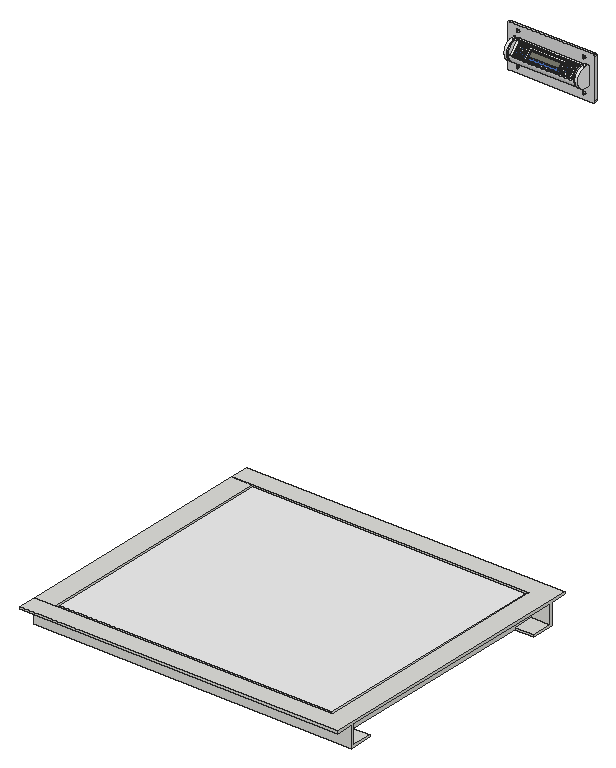
Revit family "Scale-SR_Scales-SR463iR", category Specialty Equipment, Revit 2020
Family settings
  Round Connector Dimension = Use Diameter
  Part Type = Normal
  OmniClass Number = 23.40.70.11.14.11
  OmniClass Title = Medical Equipment
  Work Plane-Based = No
  Always vertical = Yes
  Cut with Voids When Loaded = No
  Shared = No
  Room Calculation Point = No
Parameters (values of type "SR463iR")
  Wall Plate Center Elevation = 53"
  URL = "http://www.srinstruments.com/"
  Show Printer = no
  Show Handrail = no
  Frame Distance to Wall = 12"  # constant formula
  Product Page URL = "https://srinstruments.com/scales/SR463iR"
  Power Supply = "110v AC, 50 - 60 Hz"  # constant formula
  Platform Width = 36"
  Platform Size = "32'' x 36'' (81 cm x 91 cm)"  # constant formula
  Platform Depth = 32"
  Pit Depth = 3"
  Model = "SR463iR"
  Maximum Weight Capacity = "1000 lbs or 454 kg"  # constant formula
  Manufacturer Phone Number = "1.800.654.6360"  # constant formula
  Manufacturer Email Contact = "mailto:info-request@srinstruments.com?Subject=Revit Inquiry"
  Manufacturer Address 1 = "600 Young Street"  # constant formula
  Manufacturer Address  2 = "Tonawanda, NY 14150"  # constant formula
  Manufacturer = "SR Scales by SR Instruments, Inc."
  Display Type = "16-Character Dot-Matrix LCD"  # constant formula
  Display Resolution = "0.1 lb / 0.1 kg"  # constant formula
  Description = "32\" x 36\" In-Floor Platform Scale"
  Default Elevation = 0"
  Creator URL = "http://www.revituspro.com/"
  Created By = "Revitus"  # constant formula
  Copyright Notice = "© SR Instruments, Inc.  All Rights Reserved."  # constant formula
  Control Panel Offset from Center = 12"
  Calibration = "Traceable to NIST Standards"  # constant formula
  BIM Version Available (Earliest) = "2017"  # constant formula
  BIM Version = "v3.1"  # constant formula
  Averaging = "Automatic Digital Filter"  # constant formula
  Auto Zero = "One Button Auto-Tare"  # constant formula
  Auto Power Down = "30 to 300 Seconds"  # constant formula
  Assembly Code = "E1020810"
Types (5): name | Show Printer | Show Handrail | Model | Description
  (no name) | no | no | "SR463iR" | "32\" x 36\" In-Floor Platform Scale"
  SR463iR-P | yes | no | "SR463iR-P" | "32\" x 36\" In-Floor Platform Scale with Printer"
  SR463iR-H | no | yes | "SR463iR-H" | "32\" x 36\" In-Floor Platform Scale with Handrail"
  SR463iR-PH | yes | yes | "SR463iR-PH" | "32\" x 36\" In-Floor Platform Scale with Printer and Handrail"
  SR463iR | no | no | "SR463iR" | "32\" x 36\" In-Floor Platform Scale"
Reference planes (in)
  plane 1 "Face of Wall": y = 0
  plane 2: z = 0
  plane 3 "Center (Left/Right)": x = 0
  plane 4 "Platform - Left": x = -18
  plane 5 "Platform - Right": x = 18
  plane 6 "Platform - Front": y = -44
  plane 7 "Platform - Back": y = -12
  plane 8 "Top": z = 33.625
  plane 9 "Left": x = -21
  plane 10 "Right": x = 21
  plane 11 "Frame - Front": y = -46.75
  plane 12 "Frame - Bottom": z = -2.75
  plane 13 "Platform - Top": z = 0.25
  plane 14 "Frame Front Rail - Back": y = -41.5
  plane 15: y = -44.25
  plane 16: z = -2.5
  plane 17: y = -44.5
  plane 18: y = -9.25
  plane 19: y = -14.5
  plane 20: y = -11.75
  plane 21: y = -11.5
  plane 22 "Platform - Bottom": z = -0.75
  plane 23: x = -18.5
  plane 24: x = -18.25
  plane 25: x = -15.5
  plane 26: x = 18.5
  plane 27: x = 18.25
  plane 28: x = 15.5
  plane 29 "Handrail - Left": x = -16.125
  plane 30 "Handrail - Right": x = 16.125
  plane 31 "Handrail Centerline (Front/Back)": y = -13.25
  plane 32: x = 12
  plane 33: x = -14.625
  plane 34: x = -17.625
  plane 35: x = 14.625
  plane 36: x = 17.625
  plane 37 "Handrail Floor Plate - Top": z = 0.5
  plane 38: y = -12.125
  plane 39: y = -14.375
Forms (in)
  Extrusion 1, solid, material "SR Scales - Platform", detail levels medium+fine
    sketch origin (0, 0, 0) x (1, 0, 0) y (0, 0, 1)
      loop
        line (-18, 0.25) -> (-18, -0.75) -> (18, -0.75) -> (18, 0.25) -> (-18, 0.25)
    from 12 to 44
  Extrusion 2, solid, material "SR Scales - Frame", detail levels medium+fine
    sketch origin (0, 0, 0) x (1, 0, 0) y (0, 0, 1)
      loop
        line (-21, 0.25) -> (-21, 0) -> (-18.5, 0) -> (-18.5, -2.75) -> (-15.5, -2.75) -> (-15.5, -2.5) -> (-18.25, -2.5) -> (-18.25, 0.25) -> (-21, 0.25)
    from 11.75 to 44.25
  Extrusion 3, solid, material "SR Scales - Frame", detail levels medium+fine
    sketch origin (0, 0, 0) x (0, 1, 0) y (0, 0, 1)
      loop
        line (-46.75, 0) -> (-44.5, 0) -> (-44.5, -2.75) -> (-41.5, -2.75) -> (-41.5, -2.5) -> (-44.25, -2.5) -> (-44.25, 0.25) -> (-46.75, 0.25) -> (-46.75, 0)
    from -21 to 21
  Extrusion 4, solid, material "SR Scales - Frame", detail levels medium+fine
    sketch origin (0, -44, 0) x (0, -1, 0) y (0, 0, -1)
      loop
        line (-34.75, 0) -> (-34.75, -0.25) -> (-32.25, -0.25) -> (-32.25, 2.5) -> (-29.5, 2.5) -> (-29.5, 2.75) -> (-32.5, 2.75) -> (-32.5, 0) -> (-34.75, 0)
    from -21 to 21
  Extrusion 5, solid, material "SR Scales - Frame", detail levels medium+fine
    sketch origin (0, 0, 0) x (-1, 0, 0) y (0, 0, -1)
      loop
        line (-21, -0.25) -> (-18.25, -0.25) -> (-18.25, 2.5) -> (-15.5, 2.5) -> (-15.5, 2.75) -> (-18.5, 2.75) -> (-18.5, 0) -> (-21, 0) -> (-21, -0.25)
    from 11.75 to 44.25
  Sweep 6, solid, material "SR Scales - Handrail", visible <- "Show Handrail"
    path origin (0, -13.25, 0) x (-1, 0, 0) y (0, 0, 1)
      loop
        line (-16.125, 0.25) -> (-16.125, 27.625)
        arc (-16.125, 27.625) -> (-14.36764, 31.86764) -> (-10.125, 33.625) r 6
        line (-10.125, 33.625) -> (10.125, 33.625)
        arc (10.125, 33.625) -> (14.36764, 31.86764) -> (16.125, 27.625) r 6
        line (16.125, 27.625) -> (16.125, 0.25)
    profile origin (-16.125, -13.25, 13.9375) x (0, 1, 0) y (-1, 0, 0)
      loop
        circle (0, 0) r 0.625
  Extrusion 7, solid, material "SR Scales - Handrail", visible <- "Show Handrail", detail levels medium+fine
    sketch origin (0, 0, 0) x (1, 0, 0) y (0, 1, 0)
      loop
        line (-17.625, -12.125) -> (-17.625, -14.375) -> (-14.625, -14.375) -> (-14.625, -12.125) -> (-17.625, -12.125)
      loop
        line (14.625, -12.125) -> (14.625, -14.375) -> (17.625, -14.375) -> (17.625, -12.125) -> (14.625, -12.125)
    from 0.25 to 0.5
  Extrusion 8, solid, material "SR Scales - Platform", detail levels coarse
    sketch origin (0, 0, 0) x (1, 0, 0) y (0, 1, 0)
      loop
        line (-21, -9.25) -> (-21, -46.75) -> (21, -46.75) -> (21, -9.25) -> (-21, -9.25)
    from -2.75 to 0.25
Cuts and joins
  joined: Extrusion 3, Extrusion 4, Extrusion 5
Lines and regions (in)
  model lines, style "Scale - Platform", detail levels coarse
    curve 1: line (-18, -12, 0.25) -> (-18, -44, 0.25)
    curve 2: line (-18, -12, 0.25) -> (18, -12, 0.25)
    curve 3: line (-18, -44, 0.25) -> (18, -44, 0.25)
    curve 4: line (18, -12, 0.25) -> (18, -44, 0.25)
Dimensions and locks (in)
  equal spacing: plane 4 "Platform - Left", plane 3 "Center (Left/Right)", plane 5 "Platform - Right"
  "Platform Width": plane 4 "Platform - Left" to plane 5 "Platform - Right"
  "Platform Depth": plane 6 "Platform - Front" to plane 7 "Platform - Back"
  plane 8 "Top" to plane 13 "Platform - Top" = 33 3/8"
  plane 25 to plane 4 "Platform - Left" to plane 24 to plane 9 "Left" = 2 1/2" locked, 1/4" locked, 2 3/4" locked
  plane 11 "Frame - Front" to plane 15 to plane 6 "Platform - Front" to plane 14 "Frame Front Rail - Back" = 2 1/2" locked, 1/4" locked, 2 1/2" locked
  locked: plane 13 "Platform - Top" to plane 2 at 0.25
  "Pit Depth": plane 13 "Platform - Top" to plane 12 "Frame - Bottom"
  locked: plane 16 to plane 12 "Frame - Bottom" at 0.25
  locked: plane 17 to plane 15 at 0.25
  plane 18 to plane 20 to plane 7 "Platform - Back" to plane 19 = 2 1/2" locked, 1/4" locked, 2 1/2" locked
  locked: plane 21 to plane 20 at 0.25
  locked: plane 13 "Platform - Top" to plane 22 "Platform - Bottom" at 1
  locked: plane 24 to plane 23 at 0.25
  plane 28 to plane 5 "Platform - Right" to plane 27 to plane 10 "Right" = 2 1/2" locked, 1/4" locked, 2 3/4" locked
  locked: plane 27 to plane 26 at 0.25
  locked: plane 29 "Handrail - Left" to plane 4 "Platform - Left" at 1.875
  locked: plane 30 "Handrail - Right" to plane 5 "Platform - Right" at 1.875
  locked: plane 7 "Platform - Back" to plane 31 "Handrail Centerline (Front/Back)" at 1.25
  "Frame Distance to Wall": plane 7 "Platform - Back" to plane 1 "Face of Wall"
  "Control Panel Offset from Center": plane 32 to plane 3 "Center (Left/Right)"
  plane 34 to plane 29 "Handrail - Left" to plane 33 = 1 1/2" locked, 1 1/2" locked
  plane 36 to plane 30 "Handrail - Right" to plane 35 = 1 1/2" locked, 1 1/2" locked
  locked: plane 37 "Handrail Floor Plate - Top" to plane 13 "Platform - Top" at 0.25
  plane 38 to plane 31 "Handrail Centerline (Front/Back)" to plane 39 = 1 1/8" locked, 1 1/8" locked
  radius of Sweep 6 sketch curve = 6"  (x2)
  aligned and locked: level to plane 2
  aligned and locked: Extrusion 1 to plane 6 "Platform - Front"
  aligned and locked: plane 7 "Platform - Back" to Extrusion 1
  aligned and locked: Extrusion 3 to plane 10 "Right"
  aligned and locked: Extrusion 3 to plane 9 "Left"
  aligned and locked: Extrusion 3 sketch curve to plane 11 "Frame - Front"
  aligned and locked: Extrusion 3 sketch curve to plane 13 "Platform - Top"
  aligned and locked: Extrusion 3 sketch curve to level
  aligned and locked: Extrusion 3 sketch curve to plane 17
  aligned and locked: Extrusion 3 sketch curve to plane 15
  aligned and locked: Extrusion 3 sketch curve to plane 16
  aligned and locked: Extrusion 3 sketch curve to plane 12 "Frame - Bottom"
  aligned and locked: Extrusion 3 sketch curve to plane 14 "Frame Front Rail - Back"
  aligned and locked: plane 18 to Extrusion 4 sketch curve
  aligned and locked: plane 21 to Extrusion 4 sketch curve
  aligned and locked: plane 20 to Extrusion 4 sketch curve
  aligned and locked: plane 19 to Extrusion 4 sketch curve
  aligned and locked: Extrusion 1 to plane 22 "Platform - Bottom"
  aligned and locked: plane 13 "Platform - Top" to Extrusion 1
  aligned and locked: Extrusion 1 sketch curve to plane 4 "Platform - Left"
  aligned and locked: plane 5 "Platform - Right" to Extrusion 1 sketch curve
  aligned and locked: Extrusion 4 to plane 9 "Left"
  aligned and locked: Extrusion 4 to plane 10 "Right"
  aligned and locked: Extrusion 2 sketch curve to plane 9 "Left"
  aligned and locked: Extrusion 2 sketch curve to plane 13 "Platform - Top"
  aligned and locked: Extrusion 2 sketch curve to level
  aligned and locked: Extrusion 2 sketch curve to plane 16
  aligned and locked: Extrusion 2 sketch curve to plane 12 "Frame - Bottom"
  aligned and locked: Extrusion 2 sketch curve to plane 24
  aligned and locked: Extrusion 2 sketch curve to plane 23
  aligned and locked: Extrusion 2 sketch curve to plane 25
  aligned and locked: plane 15 to Extrusion 2
  aligned and locked: plane 20 to Extrusion 2
  aligned and locked: plane 27 to Extrusion 5 sketch curve
  aligned and locked: plane 26 to Extrusion 5 sketch curve
  aligned and locked: plane 28 to Extrusion 5 sketch curve
  aligned and locked: plane 20 to Extrusion 5
  aligned and locked: plane 15 to Extrusion 5
  aligned and locked: plane 10 "Right" to Extrusion 5 sketch curve
  aligned and locked: plane 13 "Platform - Top" to Extrusion 5 sketch curve
  aligned and locked: level to Extrusion 5 sketch curve
  aligned and locked: plane 12 "Frame - Bottom" to Extrusion 5 sketch curve
  aligned and locked: plane 16 to Extrusion 5 sketch curve
  aligned and locked: plane 32 to nested 1
  aligned and locked: plane 1 "Face of Wall" to nested 1
  aligned and locked: plane 29 "Handrail - Left" to Sweep 6 sketch curve
  aligned and locked: plane 8 "Top" to Sweep 6 sketch curve
  aligned and locked: Sweep 6 sketch curve to plane 30 "Handrail - Right"
  aligned and locked: plane 13 "Platform - Top" to Sweep 6 sketch curve  (x2)
  aligned and locked: Extrusion 7 to plane 13 "Platform - Top"
  aligned and locked: plane 37 "Handrail Floor Plate - Top" to Extrusion 7
  aligned and locked: Extrusion 7 sketch curve to plane 38  (x2)
  aligned and locked: plane 34 to Extrusion 7 sketch curve
  aligned and locked: Extrusion 7 sketch curve to plane 33
  aligned and locked: plane 39 to Extrusion 7 sketch curve  (x2)
  aligned and locked: plane 35 to Extrusion 7 sketch curve
  aligned and locked: Extrusion 7 sketch curve to plane 36
  aligned and locked: Extrusion 8 sketch curve to plane 9 "Left"
  aligned and locked: plane 18 to Extrusion 8 sketch curve
  aligned and locked: plane 10 "Right" to Extrusion 8 sketch curve
  aligned and locked: Extrusion 8 sketch curve to plane 11 "Frame - Front"
  aligned and locked: Extrusion 8 to plane 12 "Frame - Bottom"
  aligned and locked: plane 13 "Platform - Top" to Extrusion 8
  aligned and locked: curve 1 to plane 4 "Platform - Left"
  aligned and locked: curve 2 to plane 7 "Platform - Back"
  aligned and locked: curve 3 to plane 6 "Platform - Front"
  aligned and locked: plane 5 "Platform - Right" to curve 4
Automatic sketch dimensions
  Extrusion 1 sketch curve to plane 22 "Platform - Bottom" = 0"
  Extrusion 1 sketch curve to plane 13 "Platform - Top" = 0"
  Extrusion 4 sketch curve to plane 12 "Frame - Bottom" = 0"
  Extrusion 4 sketch curve to plane 16 = 0"
  Extrusion 4 sketch curve to level = 0"
  Extrusion 4 sketch curve to plane 13 "Platform - Top" = 0"
  Sweep 6 sketch curve to plane 31 "Handrail Centerline (Front/Back)" = 0"
  Sweep 6 sketch curve to profile plane = 0"
  radius of Sweep 6 sketch curve = 5/8"
Nested families (in)
  nested 1: "Display-Wall_Panel-SR463iR" at (12, 0, 53), built-in parameter 1001364 <- "Wall Plate Center Elevation", type "Display-Wall_Panel-SR463iR"
Definition of nested family "Display-Wall_Panel-SR463iR"
  Parameters (values of type "Display-Wall_Panel-SR463iR")
    Show Printer = no
    No Printer = not(Show Printer)  # yes
    Manufacturer Phone Number = ""
    Manufacturer Email Contact = ""
    Manufacturer Address 1 = ""
    Manufacturer Address  2 = ""
    Default Elevation = 0"
    Creator URL = ""
    Created By = ""
    Copyright Notice = ""
    BIM Version Available (Earliest) = ""
    BIM Version = ""
  Reference planes (in)
    plane 1 "Center (Front/Back)": y = 0
    plane 2: z = 0
    plane 3 "Center (Left/Right)": x = 0
    plane 4: y = -0.25
  Forms (in)
    Extrusion 1, solid, visible <- "Show Printer", detail levels fine
      sketch origin (-31.99871, 3, -32.9043) x (1, 0, 0) y (0, 0, 1)
        loop
          arc (30.12371, 29.9093) -> (30.16178, 29.81737) -> (30.25371, 29.7793) r 0.13
          line (30.25371, 29.7793) -> (33.74371, 29.7793)
          arc (33.74371, 29.7793) -> (33.83563, 29.81737) -> (33.87371, 29.9093) r 0.13
          line (33.87371, 29.9093) -> (33.87371, 34.1493)
          arc (33.87371, 34.1493) -> (33.83563, 34.24122) -> (33.74371, 34.2793) r 0.13
          line (33.74371, 34.2793) -> (30.25371, 34.2793)
          arc (30.25371, 34.2793) -> (30.16178, 34.24122) -> (30.12371, 34.1493) r 0.13
          line (30.12371, 34.1493) -> (30.12371, 29.9093)
        loop
          line (30.56171, 30.0293) -> (33.43571, 30.0293)
          arc (33.43571, 30.0293) -> (33.48025, 30.04775) -> (33.49871, 30.0923) r 0.063
          line (33.49871, 30.0923) -> (33.49871, 32.5913)
          arc (33.49871, 32.5913) -> (33.48025, 32.63584) -> (33.43571, 32.6543) r 0.063
          line (33.43571, 32.6543) -> (33.24871, 32.6543)
          arc (33.24871, 32.6543) -> (33.21209, 32.74268) -> (33.12371, 32.7793) r 0.125
          line (33.12371, 32.7793) -> (30.87371, 32.7793)
          arc (30.87371, 32.7793) -> (30.78532, 32.74268) -> (30.74871, 32.6543) r 0.125
          line (30.74871, 32.6543) -> (30.56171, 32.6543)
          arc (30.56171, 32.6543) -> (30.51716, 32.63584) -> (30.49871, 32.5913) r 0.063
          line (30.49871, 32.5913) -> (30.49871, 30.0923)
          arc (30.49871, 30.0923) -> (30.51716, 30.04775) -> (30.56171, 30.0293) r 0.063
        loop
          line (33.40521, 32.7793) -> (33.59221, 32.7793) -> (33.59221, 33.4693) -> (33.40521, 33.4693) -> (33.40521, 32.7793)
      from 3.25 to 3.375
    Extrusion 2, solid, visible <- "Show Printer", detail levels medium+fine
      sketch origin (0, 3, -32.9043) x (0, 0, -1) y (0, -1, 0)
        loop
          line (-32.3293, 3.375) -> (-32.6043, 3.375) -> (-32.6043, 3.25) -> (-30.0793, 3.25) -> (-30.0793, 3.33642)
          arc (-30.0793, 3.33642) -> (-30.08872, 3.36956) -> (-30.11416, 3.39279) r 0.063
          arc (-30.11416, 3.39279) -> (-30.99803, 3.62272) -> (-31.8993, 3.475) r 2.20628
          arc (-31.8993, 3.475) -> (-32.11073, 3.40966) -> (-32.3293, 3.375) r 1.55486
      from -1.45 to 1.45
    Extrusion 3, void
      sketch origin (-31.99871, 3, -32.9043) x (1, 0, 0) y (0, 0, 1)
        loop
          line (33.24871, 32.6043) -> (30.74871, 32.6043)
          arc (30.74871, 32.6043) -> (30.78532, 32.51591) -> (30.87371, 32.4793) r 0.125
          line (30.87371, 32.4793) -> (33.12371, 32.4793)
          arc (33.12371, 32.4793) -> (33.21209, 32.51591) -> (33.24871, 32.6043) r 0.125
      from 3.25 to 3.375
    Extrusion 4, solid, visible <- "Show Printer", detail levels coarse+medium
      sketch origin (-31.99871, 3, -32.9043) x (1, 0, 0) y (0, 0, 1)
        loop
          line (30.24871, 29.7793) -> (33.74871, 29.7793)
          arc (33.74871, 29.7793) -> (33.83709, 29.81591) -> (33.87371, 29.9043) r 0.125
          line (33.87371, 29.9043) -> (33.87371, 34.1543)
          arc (33.87371, 34.1543) -> (33.83709, 34.24268) -> (33.74871, 34.2793) r 0.125
          line (33.74871, 34.2793) -> (30.24871, 34.2793)
          arc (30.24871, 34.2793) -> (30.16032, 34.24268) -> (30.12371, 34.1543) r 0.125
          line (30.12371, 34.1543) -> (30.12371, 29.9043)
          arc (30.12371, 29.9043) -> (30.16032, 29.81591) -> (30.24871, 29.7793) r 0.125
      from 3.25 to 3.375
    Extrusion 5, solid, visible <- "Show Printer"
      sketch origin (0, 0, -53) x (1, 0, 0) y (0, 0, 1)
        loop
          line (-5.75, 58.5) -> (-5.75, 49.125)
          arc (-5.75, 49.125) -> (-5.67678, 48.94822) -> (-5.5, 48.875) r 0.25
          line (-5.5, 48.875) -> (5.5, 48.875)
          arc (5.5, 48.875) -> (5.67678, 48.94822) -> (5.75, 49.125) r 0.25
          line (5.75, 49.125) -> (5.75, 58.5)
          arc (5.75, 58.5) -> (5.67678, 58.67678) -> (5.5, 58.75) r 0.25
          line (5.5, 58.75) -> (-5.5, 58.75)
          arc (-5.5, 58.75) -> (-5.67678, 58.67678) -> (-5.75, 58.5) r 0.25
        loop
          circle (-4.375, 49.625) r 0.25
        loop
          circle (4.375, 49.625) r 0.25
        loop
          circle (-4.375, 58) r 0.25
        loop
          circle (4.375, 58) r 0.25
      from 0 to 0.25
    Extrusion 6, solid
      sketch origin (0, 0, -52.8012) x (0, 1, 0) y (0, 0, 1)
        loop
          arc (-0.75, 57.0512) -> (-2, 55.8012) -> (-0.75, 54.5512) r 1.25
          line (-0.75, 54.5512) -> (-0.375, 54.5512)
          arc (-0.375, 54.5512) -> (-0.28661, 54.58781) -> (-0.25, 54.6762) r 0.125
          line (-0.25, 54.6762) -> (-0.25, 56.9262)
          arc (-0.25, 56.9262) -> (-0.28661, 57.01459) -> (-0.375, 57.0512) r 0.125
          line (-0.375, 57.0512) -> (-0.75, 57.0512)
      from -4.25 to 4.375
    Extrusion 7, void
      sketch origin (0, 0, -56.3012) x (0, 1, 0) y (0, 0, 1)
        loop
          line (-1.86474, 59.1797) -> (-0.6273, 60.41714) -> (-0.71569, 60.50552) -> (-0.68832, 60.53289)
          arc (-0.68832, 60.53289) -> (-0.66804, 60.54644) -> (-0.64413, 60.5512) r 0.0625
          line (-0.64413, 60.5512) -> (-0.5, 60.5512) -> (-0.5, 60.8012) -> (-0.75, 60.8012)
          arc (-0.75, 60.8012) -> (-1.88001, 60.28764) -> (-2.23626, 59.09862) r 1.5
          line (-2.23626, 59.09862) -> (-1.98348, 59.09862)
          arc (-1.98348, 59.09862) -> (-1.99211, 59.16094) -> (-1.99759, 59.22362) r 1.25
          line (-1.99759, 59.22362) -> (-1.95312, 59.26809) -> (-1.86474, 59.1797)
      from -4.25 to 4.24871
    Extrusion 8, solid, detail levels medium+fine
      sketch origin (0, 0, -52.8012) x (0, 1, 0) y (0, 0, 1)
        loop
          arc (-0.75, 57.0512) -> (-2, 55.8012) -> (-0.75, 54.5512) r 1.25
          line (-0.75, 54.5512) -> (-0.375, 54.5512)
          arc (-0.375, 54.5512) -> (-0.28661, 54.58781) -> (-0.25, 54.6762) r 0.125
          line (-0.25, 54.6762) -> (-0.25, 56.9262)
          arc (-0.25, 56.9262) -> (-0.28661, 57.01459) -> (-0.375, 57.0512) r 0.125
          line (-0.375, 57.0512) -> (-0.75, 57.0512)
      from -4.875 to -4.5
    Extrusion 9, solid
      sketch origin (0.5, 0, -52.8012) x (0, 1, 0) y (0, 0, 1)
        loop
          arc (-0.75, 57.0512) -> (-2, 55.8012) -> (-0.75, 54.5512) r 1.25
          line (-0.75, 54.5512) -> (-0.375, 54.5512)
          arc (-0.375, 54.5512) -> (-0.28661, 54.58781) -> (-0.25, 54.6762) r 0.125
          line (-0.25, 54.6762) -> (-0.25, 56.9262)
          arc (-0.25, 56.9262) -> (-0.28661, 57.01459) -> (-0.375, 57.0512) r 0.125
          line (-0.375, 57.0512) -> (-0.75, 57.0512)
      from -4.875 to -4.75
    Extrusion 10, solid, detail levels medium+fine
      sketch origin (0, 0, -52.8012) x (0, 1, 0) y (0, 0, -1)
        loop
          line (-0.75, -57.0512) -> (-0.375, -57.0512)
          arc (-0.375, -57.0512) -> (-0.28661, -57.01459) -> (-0.25, -56.9262) r 0.125
          line (-0.25, -56.9262) -> (-0.25, -54.6762)
          arc (-0.25, -54.6762) -> (-0.28661, -54.58781) -> (-0.375, -54.5512) r 0.125
          line (-0.375, -54.5512) -> (-0.75, -54.5512)
          arc (-0.75, -54.5512) -> (-2, -55.8012) -> (-0.75, -57.0512) r 1.25
      from -4.875 to -4.5
    Extrusion 11, solid
      sketch origin (-0.5, 0, -52.8012) x (0, 1, 0) y (0, 0, -1)
        loop
          line (-0.75, -57.0512) -> (-0.375, -57.0512)
          arc (-0.375, -57.0512) -> (-0.28661, -57.01459) -> (-0.25, -56.9262) r 0.125
          line (-0.25, -56.9262) -> (-0.25, -54.6762)
          arc (-0.25, -54.6762) -> (-0.28661, -54.58781) -> (-0.375, -54.5512) r 0.125
          line (-0.375, -54.5512) -> (-0.75, -54.5512)
          arc (-0.75, -54.5512) -> (-2, -55.8012) -> (-0.75, -57.0512) r 1.25
      from -4.875 to -4.75
    Extrusion 12, solid, visible <- "Show Printer", detail levels fine
      sketch origin (0, 0, -51.625) x (0, 1, 0) y (0, 0, 1)
        loop
          line (-0.25, 51.53125) -> (-0.25, 52.17166) -> (-0.34058, 52.17166)
          arc (-0.34058, 52.17166) -> (-0.37145, 52.1635) -> (-0.39427, 52.14116) r 0.0625
          arc (-0.39427, 52.14116) -> (-0.47618, 51.93492) -> (-0.48926, 51.71338) r 0.69841
          arc (-0.48926, 51.71338) -> (-0.45912, 51.61847) -> (-0.39334, 51.54371) r 0.2423
          arc (-0.39334, 51.54371) -> (-0.37563, 51.53445) -> (-0.3559, 51.53125) r 0.0625
          line (-0.3559, 51.53125) -> (-0.25, 51.53125)
      from 1.4375 to 1.5625
    Extrusion 13, solid, visible <- "Show Printer", detail levels fine
      sketch origin (0, 0, 0) x (1, 0, 0) y (0, 0, 1)
        loop
          circle (-4.375, 5) r 0.1875
        loop
          circle (4.375, 5) r 0.1875
        loop
          circle (-4.375, -3.375) r 0.1875
        loop
          circle (4.375, -3.375) r 0.1875
      from 0 to 0.1875
    Extrusion 14, solid, detail levels medium+fine
      sketch origin (9.65958, -0.24913, 4.49411) x (-1, 0, 0) y (0, -0.707107, -0.707107)
        loop
          line (13.90958, 0.65981) -> (13.90958, 2.15981)
          arc (13.90958, 2.15981) -> (13.87296, 2.2482) -> (13.78458, 2.28481) r 0.125
          line (13.78458, 2.28481) -> (5.53458, 2.28481)
          arc (5.53458, 2.28481) -> (5.44619, 2.2482) -> (5.40958, 2.15981) r 0.125
          line (5.40958, 2.15981) -> (5.40958, 0.65981)
          arc (5.40958, 0.65981) -> (5.44619, 0.57142) -> (5.53458, 0.53481) r 0.125
          line (5.53458, 0.53481) -> (13.78458, 0.53481)
          arc (13.78458, 0.53481) -> (13.87296, 0.57142) -> (13.90958, 0.65981) r 0.125
        loop
          line (13.53458, 0.72231) -> (13.53458, 2.09731)
          arc (13.53458, 2.09731) -> (13.51627, 2.14151) -> (13.47208, 2.15981) r 0.0625
          line (13.47208, 2.15981) -> (5.84837, 2.15981)
          arc (5.84837, 2.15981) -> (5.80418, 2.14151) -> (5.78587, 2.09731) r 0.0625
          line (5.78587, 2.09731) -> (5.78587, 0.72231)
          arc (5.78587, 0.72231) -> (5.80418, 0.67812) -> (5.84837, 0.65981) r 0.0625
          line (5.84837, 0.65981) -> (13.47208, 0.65981)
          arc (13.47208, 0.65981) -> (13.51627, 0.67812) -> (13.53458, 0.72231) r 0.0625
      from 0 to 0.125
    Extrusion 15, solid, detail levels medium+fine
      sketch origin (8.28587, -6.87826, -2.13502) x (-1, 0, 0) y (0, -0.707107, -0.707107)
        loop
          line (6.28587, -7.59019) -> (6.28587, -8.34019) -> (10.28587, -8.34019) -> (10.28587, -7.59019) -> (6.28587, -7.59019)
      from 0 to 0.125
    Extrusion 16, solid, detail levels medium+fine
      sketch origin (8.28587, -4.72754, 0.0157) x (-1, 0, 0) y (0, -0.707107, -0.707107)
        loop
          arc (6.28587, -4.29861) -> (6.19748, -4.33522) -> (6.16087, -4.42361) r 0.125
          line (6.16087, -4.42361) -> (6.16087, -5.29861)
          arc (6.16087, -5.29861) -> (6.19748, -5.387) -> (6.28587, -5.42361) r 0.125
          line (6.28587, -5.42361) -> (10.28587, -5.42361)
          arc (10.28587, -5.42361) -> (10.37426, -5.387) -> (10.41087, -5.29861) r 0.125
          line (10.41087, -5.29861) -> (10.41087, -4.42361)
          arc (10.41087, -4.42361) -> (10.37426, -4.33522) -> (10.28587, -4.29861) r 0.125
          line (10.28587, -4.29861) -> (6.28587, -4.29861)
        loop
          line (6.28587, -4.54861) -> (6.28587, -5.29861) -> (10.28587, -5.29861) -> (10.28587, -4.54861) -> (6.28587, -4.54861)
        loop
          arc (4.75462, -4.36111) -> (4.68833, -4.38857) -> (4.66087, -4.45486) r 0.09375
          line (4.66087, -4.45486) -> (4.66087, -4.76736)
          arc (4.66087, -4.76736) -> (4.68833, -4.83365) -> (4.75462, -4.86111) r 0.09375
          line (4.75462, -4.86111) -> (5.06712, -4.86111)
          arc (5.06712, -4.86111) -> (5.13341, -4.83365) -> (5.16087, -4.76736) r 0.09375
          line (5.16087, -4.76736) -> (5.16087, -4.45486)
          arc (5.16087, -4.45486) -> (5.13341, -4.38857) -> (5.06712, -4.36111) r 0.09375
          line (5.06712, -4.36111) -> (4.75462, -4.36111)
        loop
          line (5.06712, -4.42361) -> (4.75462, -4.42361)
          arc (4.75462, -4.42361) -> (4.73252, -4.43276) -> (4.72337, -4.45486) r 0.03125
          line (4.72337, -4.45486) -> (4.72337, -4.76736)
          arc (4.72337, -4.76736) -> (4.73252, -4.78946) -> (4.75462, -4.79861) r 0.03125
          line (4.75462, -4.79861) -> (5.06712, -4.79861)
          arc (5.06712, -4.79861) -> (5.08922, -4.78946) -> (5.09837, -4.76736) r 0.03125
          line (5.09837, -4.76736) -> (5.09837, -4.45486)
          arc (5.09837, -4.45486) -> (5.08922, -4.43276) -> (5.06712, -4.42361) r 0.03125
        loop
          arc (5.50462, -4.36111) -> (5.43833, -4.38857) -> (5.41087, -4.45486) r 0.09375
          line (5.41087, -4.45486) -> (5.41087, -4.76736)
          arc (5.41087, -4.76736) -> (5.43833, -4.83365) -> (5.50462, -4.86111) r 0.09375
          line (5.50462, -4.86111) -> (5.81712, -4.86111)
          arc (5.81712, -4.86111) -> (5.88341, -4.83365) -> (5.91087, -4.76736) r 0.09375
          line (5.91087, -4.76736) -> (5.91087, -4.45486)
          arc (5.91087, -4.45486) -> (5.88341, -4.38857) -> (5.81712, -4.36111) r 0.09375
          line (5.81712, -4.36111) -> (5.50462, -4.36111)
        loop
          line (5.81712, -4.42361) -> (5.50462, -4.42361)
          arc (5.50462, -4.42361) -> (5.48252, -4.43276) -> (5.47337, -4.45486) r 0.03125
          line (5.47337, -4.45486) -> (5.47337, -4.76736)
          arc (5.47337, -4.76736) -> (5.48252, -4.78946) -> (5.50462, -4.79861) r 0.03125
          line (5.50462, -4.79861) -> (5.81712, -4.79861)
          arc (5.81712, -4.79861) -> (5.83922, -4.78946) -> (5.84837, -4.76736) r 0.03125
          line (5.84837, -4.76736) -> (5.84837, -4.45486)
          arc (5.84837, -4.45486) -> (5.83922, -4.43276) -> (5.81712, -4.42361) r 0.03125
        loop
          arc (5.50462, -4.98611) -> (5.43833, -5.01357) -> (5.41087, -5.07986) r 0.09375
          line (5.41087, -5.07986) -> (5.41087, -5.39236)
          arc (5.41087, -5.39236) -> (5.43833, -5.45865) -> (5.50462, -5.48611) r 0.09375
          line (5.50462, -5.48611) -> (5.81712, -5.48611)
          arc (5.81712, -5.48611) -> (5.88341, -5.45865) -> (5.91087, -5.39236) r 0.09375
          line (5.91087, -5.39236) -> (5.91087, -5.07986)
          arc (5.91087, -5.07986) -> (5.88341, -5.01357) -> (5.81712, -4.98611) r 0.09375
          line (5.81712, -4.98611) -> (5.50462, -4.98611)
        loop
          line (5.81712, -5.04861) -> (5.50462, -5.04861)
          arc (5.50462, -5.04861) -> (5.48252, -5.05776) -> (5.47337, -5.07986) r 0.03125
          line (5.47337, -5.07986) -> (5.47337, -5.39236)
          arc (5.47337, -5.39236) -> (5.48252, -5.41446) -> (5.50462, -5.42361) r 0.03125
          line (5.50462, -5.42361) -> (5.81712, -5.42361)
          arc (5.81712, -5.42361) -> (5.83922, -5.41446) -> (5.84837, -5.39236) r 0.03125
          line (5.84837, -5.39236) -> (5.84837, -5.07986)
          arc (5.84837, -5.07986) -> (5.83922, -5.05776) -> (5.81712, -5.04861) r 0.03125
        loop
          arc (4.75462, -4.98611) -> (4.68833, -5.01357) -> (4.66087, -5.07986) r 0.09375
          line (4.66087, -5.07986) -> (4.66087, -5.39236)
          arc (4.66087, -5.39236) -> (4.68833, -5.45865) -> (4.75462, -5.48611) r 0.09375
          line (4.75462, -5.48611) -> (5.06712, -5.48611)
          arc (5.06712, -5.48611) -> (5.13341, -5.45865) -> (5.16087, -5.39236) r 0.09375
          line (5.16087, -5.39236) -> (5.16087, -5.07986)
          arc (5.16087, -5.07986) -> (5.13341, -5.01357) -> (5.06712, -4.98611) r 0.09375
          line (5.06712, -4.98611) -> (4.75462, -4.98611)
        loop
          line (5.06712, -5.04861) -> (4.75462, -5.04861)
          arc (4.75462, -5.04861) -> (4.73252, -5.05776) -> (4.72337, -5.07986) r 0.03125
          line (4.72337, -5.07986) -> (4.72337, -5.39236)
          arc (4.72337, -5.39236) -> (4.73252, -5.41446) -> (4.75462, -5.42361) r 0.03125
          line (4.75462, -5.42361) -> (5.06712, -5.42361)
          arc (5.06712, -5.42361) -> (5.08922, -5.41446) -> (5.09837, -5.39236) r 0.03125
          line (5.09837, -5.39236) -> (5.09837, -5.07986)
          arc (5.09837, -5.07986) -> (5.08922, -5.05776) -> (5.06712, -5.04861) r 0.03125
        loop
          line (11.81712, -4.36111) -> (11.50462, -4.36111)
          arc (11.50462, -4.36111) -> (11.43833, -4.38857) -> (11.41087, -4.45486) r 0.09375
          line (11.41087, -4.45486) -> (11.41087, -4.76736)
          arc (11.41087, -4.76736) -> (11.43833, -4.83365) -> (11.50462, -4.86111) r 0.09375
          line (11.50462, -4.86111) -> (11.81712, -4.86111)
          arc (11.81712, -4.86111) -> (11.88341, -4.83365) -> (11.91087, -4.76736) r 0.09375
          line (11.91087, -4.76736) -> (11.91087, -4.45486)
          arc (11.91087, -4.45486) -> (11.88341, -4.38857) -> (11.81712, -4.36111) r 0.09375
        loop
          arc (11.50462, -4.42361) -> (11.48252, -4.43276) -> (11.47337, -4.45486) r 0.03125
          line (11.47337, -4.45486) -> (11.47337, -4.76736)
          arc (11.47337, -4.76736) -> (11.48252, -4.78946) -> (11.50462, -4.79861) r 0.03125
          line (11.50462, -4.79861) -> (11.81712, -4.79861)
          arc (11.81712, -4.79861) -> (11.83922, -4.78946) -> (11.84837, -4.76736) r 0.03125
          line (11.84837, -4.76736) -> (11.84837, -4.45486)
          arc (11.84837, -4.45486) -> (11.83922, -4.43276) -> (11.81712, -4.42361) r 0.03125
          line (11.81712, -4.42361) -> (11.50462, -4.42361)
        loop
          line (11.06712, -4.36111) -> (10.75462, -4.36111)
          arc (10.75462, -4.36111) -> (10.68833, -4.38857) -> (10.66087, -4.45486) r 0.09375
          line (10.66087, -4.45486) -> (10.66087, -4.76736)
          arc (10.66087, -4.76736) -> (10.68833, -4.83365) -> (10.75462, -4.86111) r 0.09375
          line (10.75462, -4.86111) -> (11.06712, -4.86111)
          arc (11.06712, -4.86111) -> (11.13341, -4.83365) -> (11.16087, -4.76736) r 0.09375
          line (11.16087, -4.76736) -> (11.16087, -4.45486)
          arc (11.16087, -4.45486) -> (11.13341, -4.38857) -> (11.06712, -4.36111) r 0.09375
        loop
          arc (10.75462, -4.42361) -> (10.73252, -4.43276) -> (10.72337, -4.45486) r 0.03125
          line (10.72337, -4.45486) -> (10.72337, -4.76736)
          arc (10.72337, -4.76736) -> (10.73252, -4.78946) -> (10.75462, -4.79861) r 0.03125
          line (10.75462, -4.79861) -> (11.06712, -4.79861)
          arc (11.06712, -4.79861) -> (11.08922, -4.78946) -> (11.09837, -4.76736) r 0.03125
          line (11.09837, -4.76736) -> (11.09837, -4.45486)
          arc (11.09837, -4.45486) -> (11.08922, -4.43276) -> (11.06712, -4.42361) r 0.03125
          line (11.06712, -4.42361) -> (10.75462, -4.42361)
        loop
          line (11.06712, -4.98611) -> (10.75462, -4.98611)
          arc (10.75462, -4.98611) -> (10.68833, -5.01357) -> (10.66087, -5.07986) r 0.09375
          line (10.66087, -5.07986) -> (10.66087, -5.39236)
          arc (10.66087, -5.39236) -> (10.68833, -5.45865) -> (10.75462, -5.48611) r 0.09375
          line (10.75462, -5.48611) -> (11.06712, -5.48611)
          arc (11.06712, -5.48611) -> (11.13341, -5.45865) -> (11.16087, -5.39236) r 0.09375
          line (11.16087, -5.39236) -> (11.16087, -5.07986)
          arc (11.16087, -5.07986) -> (11.13341, -5.01357) -> (11.06712, -4.98611) r 0.09375
        loop
          arc (10.75462, -5.04861) -> (10.73252, -5.05776) -> (10.72337, -5.07986) r 0.03125
          line (10.72337, -5.07986) -> (10.72337, -5.39236)
          arc (10.72337, -5.39236) -> (10.73252, -5.41446) -> (10.75462, -5.42361) r 0.03125
          line (10.75462, -5.42361) -> (11.06712, -5.42361)
          arc (11.06712, -5.42361) -> (11.08922, -5.41446) -> (11.09837, -5.39236) r 0.03125
          line (11.09837, -5.39236) -> (11.09837, -5.07986)
          arc (11.09837, -5.07986) -> (11.08922, -5.05776) -> (11.06712, -5.04861) r 0.03125
          line (11.06712, -5.04861) -> (10.75462, -5.04861)
        loop
          line (11.81712, -4.98611) -> (11.50462, -4.98611)
          arc (11.50462, -4.98611) -> (11.43833, -5.01357) -> (11.41087, -5.07986) r 0.09375
          line (11.41087, -5.07986) -> (11.41087, -5.39236)
          arc (11.41087, -5.39236) -> (11.43833, -5.45865) -> (11.50462, -5.48611) r 0.09375
          line (11.50462, -5.48611) -> (11.81712, -5.48611)
          arc (11.81712, -5.48611) -> (11.88341, -5.45865) -> (11.91087, -5.39236) r 0.09375
          line (11.91087, -5.39236) -> (11.91087, -5.07986)
          arc (11.91087, -5.07986) -> (11.88341, -5.01357) -> (11.81712, -4.98611) r 0.09375
        loop
          arc (11.50462, -5.04861) -> (11.48252, -5.05776) -> (11.47337, -5.07986) r 0.03125
          line (11.47337, -5.07986) -> (11.47337, -5.39236)
          arc (11.47337, -5.39236) -> (11.48252, -5.41446) -> (11.50462, -5.42361) r 0.03125
          line (11.50462, -5.42361) -> (11.81712, -5.42361)
          arc (11.81712, -5.42361) -> (11.83922, -5.41446) -> (11.84837, -5.39236) r 0.03125
          line (11.84837, -5.39236) -> (11.84837, -5.07986)
          arc (11.84837, -5.07986) -> (11.83922, -5.05776) -> (11.81712, -5.04861) r 0.03125
          line (11.81712, -5.04861) -> (11.50462, -5.04861)
      from 0 to 0.125
    Extrusion 17, solid, detail levels medium+fine
      sketch origin (8.28587, -4.04983, 0.69341) x (-1, 0, 0) y (0, -0.707107, -0.707107)
        loop
          line (12.16087, -4.65269) -> (12.16087, -3.27769)
          arc (12.16087, -3.27769) -> (12.14256, -3.23349) -> (12.09837, -3.21519) r 0.0625
          line (12.09837, -3.21519) -> (4.47337, -3.21519)
          arc (4.47337, -3.21519) -> (4.42918, -3.23349) -> (4.41087, -3.27769) r 0.0625
          line (4.41087, -3.27769) -> (4.41087, -4.65269)
          arc (4.41087, -4.65269) -> (4.42918, -4.69688) -> (4.47337, -4.71519) r 0.0625
          line (4.47337, -4.71519) -> (12.09837, -4.71519)
          arc (12.09837, -4.71519) -> (12.14256, -4.69688) -> (12.16087, -4.65269) r 0.0625
        loop
          line (10.41087, -4.34019) -> (10.41087, -3.46519)
          arc (10.41087, -3.46519) -> (10.37426, -3.3768) -> (10.28587, -3.34019) r 0.125
          line (10.28587, -3.34019) -> (6.28587, -3.34019)
          arc (6.28587, -3.34019) -> (6.19748, -3.3768) -> (6.16087, -3.46519) r 0.125
          line (6.16087, -3.46519) -> (6.16087, -4.34019)
          arc (6.16087, -4.34019) -> (6.19748, -4.42858) -> (6.28587, -4.46519) r 0.125
          line (6.28587, -4.46519) -> (10.28587, -4.46519)
          arc (10.28587, -4.46519) -> (10.37426, -4.42858) -> (10.41087, -4.34019) r 0.125
        loop
          arc (4.75462, -3.40269) -> (4.68833, -3.43015) -> (4.66087, -3.49644) r 0.09375
          line (4.66087, -3.49644) -> (4.66087, -3.80894)
          arc (4.66087, -3.80894) -> (4.68833, -3.87523) -> (4.75462, -3.90269) r 0.09375
          line (4.75462, -3.90269) -> (5.06712, -3.90269)
          arc (5.06712, -3.90269) -> (5.13341, -3.87523) -> (5.16087, -3.80894) r 0.09375
          line (5.16087, -3.80894) -> (5.16087, -3.49644)
          arc (5.16087, -3.49644) -> (5.13341, -3.43015) -> (5.06712, -3.40269) r 0.09375
          line (5.06712, -3.40269) -> (4.75462, -3.40269)
        loop
          arc (4.75462, -3.46519) -> (4.73252, -3.47434) -> (4.72337, -3.49644) r 0.03125
          line (4.72337, -3.49644) -> (4.72337, -3.80894)
          arc (4.72337, -3.80894) -> (4.73252, -3.83104) -> (4.75462, -3.84019) r 0.03125
          line (4.75462, -3.84019) -> (5.06712, -3.84019)
          arc (5.06712, -3.84019) -> (5.08922, -3.83104) -> (5.09837, -3.80894) r 0.03125
          line (5.09837, -3.80894) -> (5.09837, -3.49644)
          arc (5.09837, -3.49644) -> (5.08922, -3.47434) -> (5.06712, -3.46519) r 0.03125
          line (5.06712, -3.46519) -> (4.75462, -3.46519)
        loop
          arc (5.50462, -3.40269) -> (5.43833, -3.43015) -> (5.41087, -3.49644) r 0.09375
          line (5.41087, -3.49644) -> (5.41087, -3.80894)
          arc (5.41087, -3.80894) -> (5.43833, -3.87523) -> (5.50462, -3.90269) r 0.09375
          line (5.50462, -3.90269) -> (5.81712, -3.90269)
          arc (5.81712, -3.90269) -> (5.88341, -3.87523) -> (5.91087, -3.80894) r 0.09375
          line (5.91087, -3.80894) -> (5.91087, -3.49644)
          arc (5.91087, -3.49644) -> (5.88341, -3.43015) -> (5.81712, -3.40269) r 0.09375
          line (5.81712, -3.40269) -> (5.50462, -3.40269)
        loop
          arc (5.50462, -3.46519) -> (5.48252, -3.47434) -> (5.47337, -3.49644) r 0.03125
          line (5.47337, -3.49644) -> (5.47337, -3.80894)
          arc (5.47337, -3.80894) -> (5.48252, -3.83104) -> (5.50462, -3.84019) r 0.03125
          line (5.50462, -3.84019) -> (5.81712, -3.84019)
          arc (5.81712, -3.84019) -> (5.83922, -3.83104) -> (5.84837, -3.80894) r 0.03125
          line (5.84837, -3.80894) -> (5.84837, -3.49644)
          arc (5.84837, -3.49644) -> (5.83922, -3.47434) -> (5.81712, -3.46519) r 0.03125
          line (5.81712, -3.46519) -> (5.50462, -3.46519)
        loop
          arc (4.75462, -4.02769) -> (4.68833, -4.05515) -> (4.66087, -4.12144) r 0.09375
          line (4.66087, -4.12144) -> (4.66087, -4.43394)
          arc (4.66087, -4.43394) -> (4.68833, -4.50023) -> (4.75462, -4.52769) r 0.09375
          line (4.75462, -4.52769) -> (5.06712, -4.52769)
          arc (5.06712, -4.52769) -> (5.13341, -4.50023) -> (5.16087, -4.43394) r 0.09375
          line (5.16087, -4.43394) -> (5.16087, -4.12144)
          arc (5.16087, -4.12144) -> (5.13341, -4.05515) -> (5.06712, -4.02769) r 0.09375
          line (5.06712, -4.02769) -> (4.75462, -4.02769)
        loop
          arc (4.75462, -4.09019) -> (4.73252, -4.09934) -> (4.72337, -4.12144) r 0.03125
          line (4.72337, -4.12144) -> (4.72337, -4.43394)
          arc (4.72337, -4.43394) -> (4.73252, -4.45604) -> (4.75462, -4.46519) r 0.03125
          line (4.75462, -4.46519) -> (5.06712, -4.46519)
          arc (5.06712, -4.46519) -> (5.08922, -4.45604) -> (5.09837, -4.43394) r 0.03125
          line (5.09837, -4.43394) -> (5.09837, -4.12144)
          arc (5.09837, -4.12144) -> (5.08922, -4.09934) -> (5.06712, -4.09019) r 0.03125
          line (5.06712, -4.09019) -> (4.75462, -4.09019)
        loop
          arc (5.50462, -4.02769) -> (5.43833, -4.05515) -> (5.41087, -4.12144) r 0.09375
          line (5.41087, -4.12144) -> (5.41087, -4.43394)
          arc (5.41087, -4.43394) -> (5.43833, -4.50023) -> (5.50462, -4.52769) r 0.09375
          line (5.50462, -4.52769) -> (5.81712, -4.52769)
          arc (5.81712, -4.52769) -> (5.88341, -4.50023) -> (5.91087, -4.43394) r 0.09375
          line (5.91087, -4.43394) -> (5.91087, -4.12144)
          arc (5.91087, -4.12144) -> (5.88341, -4.05515) -> (5.81712, -4.02769) r 0.09375
          line (5.81712, -4.02769) -> (5.50462, -4.02769)
        loop
          arc (5.50462, -4.09019) -> (5.48252, -4.09934) -> (5.47337, -4.12144) r 0.03125
          line (5.47337, -4.12144) -> (5.47337, -4.43394)
          arc (5.47337, -4.43394) -> (5.48252, -4.45604) -> (5.50462, -4.46519) r 0.03125
          line (5.50462, -4.46519) -> (5.81712, -4.46519)
          arc (5.81712, -4.46519) -> (5.83922, -4.45604) -> (5.84837, -4.43394) r 0.03125
          line (5.84837, -4.43394) -> (5.84837, -4.12144)
          arc (5.84837, -4.12144) -> (5.83922, -4.09934) -> (5.81712, -4.09019) r 0.03125
          line (5.81712, -4.09019) -> (5.50462, -4.09019)
        loop
          line (11.81712, -3.40269) -> (11.50462, -3.40269)
          arc (11.50462, -3.40269) -> (11.43833, -3.43015) -> (11.41087, -3.49644) r 0.09375
          line (11.41087, -3.49644) -> (11.41087, -3.80894)
          arc (11.41087, -3.80894) -> (11.43833, -3.87523) -> (11.50462, -3.90269) r 0.09375
          line (11.50462, -3.90269) -> (11.81712, -3.90269)
          arc (11.81712, -3.90269) -> (11.88341, -3.87523) -> (11.91087, -3.80894) r 0.09375
          line (11.91087, -3.80894) -> (11.91087, -3.49644)
          arc (11.91087, -3.49644) -> (11.88341, -3.43015) -> (11.81712, -3.40269) r 0.09375
        loop
          line (11.81712, -3.46519) -> (11.50462, -3.46519)
          arc (11.50462, -3.46519) -> (11.48252, -3.47434) -> (11.47337, -3.49644) r 0.03125
          line (11.47337, -3.49644) -> (11.47337, -3.80894)
          arc (11.47337, -3.80894) -> (11.48252, -3.83104) -> (11.50462, -3.84019) r 0.03125
          line (11.50462, -3.84019) -> (11.81712, -3.84019)
          arc (11.81712, -3.84019) -> (11.83922, -3.83104) -> (11.84837, -3.80894) r 0.03125
          line (11.84837, -3.80894) -> (11.84837, -3.49644)
          arc (11.84837, -3.49644) -> (11.83922, -3.47434) -> (11.81712, -3.46519) r 0.03125
        loop
          line (11.06712, -3.40269) -> (10.75462, -3.40269)
          arc (10.75462, -3.40269) -> (10.68833, -3.43015) -> (10.66087, -3.49644) r 0.09375
          line (10.66087, -3.49644) -> (10.66087, -3.80894)
          arc (10.66087, -3.80894) -> (10.68833, -3.87523) -> (10.75462, -3.90269) r 0.09375
          line (10.75462, -3.90269) -> (11.06712, -3.90269)
          arc (11.06712, -3.90269) -> (11.13341, -3.87523) -> (11.16087, -3.80894) r 0.09375
          line (11.16087, -3.80894) -> (11.16087, -3.49644)
          arc (11.16087, -3.49644) -> (11.13341, -3.43015) -> (11.06712, -3.40269) r 0.09375
        loop
          line (11.06712, -3.46519) -> (10.75462, -3.46519)
          arc (10.75462, -3.46519) -> (10.73252, -3.47434) -> (10.72337, -3.49644) r 0.03125
          line (10.72337, -3.49644) -> (10.72337, -3.80894)
          arc (10.72337, -3.80894) -> (10.73252, -3.83104) -> (10.75462, -3.84019) r 0.03125
          line (10.75462, -3.84019) -> (11.06712, -3.84019)
          arc (11.06712, -3.84019) -> (11.08922, -3.83104) -> (11.09837, -3.80894) r 0.03125
          line (11.09837, -3.80894) -> (11.09837, -3.49644)
          arc (11.09837, -3.49644) -> (11.08922, -3.47434) -> (11.06712, -3.46519) r 0.03125
        loop
          line (11.81712, -4.02769) -> (11.50462, -4.02769)
          arc (11.50462, -4.02769) -> (11.43833, -4.05515) -> (11.41087, -4.12144) r 0.09375
          line (11.41087, -4.12144) -> (11.41087, -4.43394)
          arc (11.41087, -4.43394) -> (11.43833, -4.50023) -> (11.50462, -4.52769) r 0.09375
          line (11.50462, -4.52769) -> (11.81712, -4.52769)
          arc (11.81712, -4.52769) -> (11.88341, -4.50023) -> (11.91087, -4.43394) r 0.09375
          line (11.91087, -4.43394) -> (11.91087, -4.12144)
          arc (11.91087, -4.12144) -> (11.88341, -4.05515) -> (11.81712, -4.02769) r 0.09375
        loop
          line (11.81712, -4.09019) -> (11.50462, -4.09019)
          arc (11.50462, -4.09019) -> (11.48252, -4.09934) -> (11.47337, -4.12144) r 0.03125
          line (11.47337, -4.12144) -> (11.47337, -4.43394)
          arc (11.47337, -4.43394) -> (11.48252, -4.45604) -> (11.50462, -4.46519) r 0.03125
          line (11.50462, -4.46519) -> (11.81712, -4.46519)
          arc (11.81712, -4.46519) -> (11.83922, -4.45604) -> (11.84837, -4.43394) r 0.03125
          line (11.84837, -4.43394) -> (11.84837, -4.12144)
          arc (11.84837, -4.12144) -> (11.83922, -4.09934) -> (11.81712, -4.09019) r 0.03125
        loop
          line (11.06712, -4.02769) -> (10.75462, -4.02769)
          arc (10.75462, -4.02769) -> (10.68833, -4.05515) -> (10.66087, -4.12144) r 0.09375
          line (10.66087, -4.12144) -> (10.66087, -4.43394)
          arc (10.66087, -4.43394) -> (10.68833, -4.50023) -> (10.75462, -4.52769) r 0.09375
          line (10.75462, -4.52769) -> (11.06712, -4.52769)
          arc (11.06712, -4.52769) -> (11.13341, -4.50023) -> (11.16087, -4.43394) r 0.09375
          line (11.16087, -4.43394) -> (11.16087, -4.12144)
          arc (11.16087, -4.12144) -> (11.13341, -4.05515) -> (11.06712, -4.02769) r 0.09375
        loop
          line (11.06712, -4.09019) -> (10.75462, -4.09019)
          arc (10.75462, -4.09019) -> (10.73252, -4.09934) -> (10.72337, -4.12144) r 0.03125
          line (10.72337, -4.12144) -> (10.72337, -4.43394)
          arc (10.72337, -4.43394) -> (10.73252, -4.45604) -> (10.75462, -4.46519) r 0.03125
          line (10.75462, -4.46519) -> (11.06712, -4.46519)
          arc (11.06712, -4.46519) -> (11.08922, -4.45604) -> (11.09837, -4.43394) r 0.03125
          line (11.09837, -4.43394) -> (11.09837, -4.12144)
          arc (11.09837, -4.12144) -> (11.08922, -4.09934) -> (11.06712, -4.09019) r 0.03125
      from 0 to 0.125
    Extrusion 18, solid, visible <- "No Printer"
      sketch origin (0, 0, -53) x (1, 0, 0) y (0, 0, 1)
        loop
          line (-5.75, 58.5) -> (-5.75, 53.25)
          arc (-5.75, 53.25) -> (-5.67678, 53.07322) -> (-5.5, 53) r 0.25
          line (-5.5, 53) -> (5.5, 53)
          arc (5.5, 53) -> (5.67678, 53.07322) -> (5.75, 53.25) r 0.25
          line (5.75, 53.25) -> (5.75, 58.5)
          arc (5.75, 58.5) -> (5.67678, 58.67678) -> (5.5, 58.75) r 0.25
          line (5.5, 58.75) -> (-5.5, 58.75)
          arc (-5.5, 58.75) -> (-5.67678, 58.67678) -> (-5.75, 58.5) r 0.25
        loop
          circle (-4.375, 53.75) r 0.25
        loop
          circle (4.375, 53.75) r 0.25
        loop
          circle (-4.375, 58) r 0.25
        loop
          circle (4.375, 58) r 0.25
      from 0 to 0.25
    Extrusion 19, solid, visible <- "No Printer", detail levels fine
      sketch origin (0, 0, 0) x (1, 0, 0) y (0, 0, 1)
        loop
          circle (-4.375, 5) r 0.1875
        loop
          circle (4.375, 5) r 0.1875
        loop
          circle (-4.375, 0.75) r 0.1875
        loop
          circle (4.375, 0.75) r 0.1875
      from 0 to 0.1875
  Cuts and joins
    Extrusion 3 cuts Extrusion 2
    Extrusion 3 cuts Extrusion 4
    Extrusion 7 cuts Extrusion 6
    joined: Extrusion 6, Extrusion 9, Extrusion 11
  Dimensions and locks (in)
    locked: plane 4 to plane 1 "Center (Front/Back)" at 0.25
    aligned and locked: plane 2 to level
    aligned and locked: Extrusion 5 to plane 4
